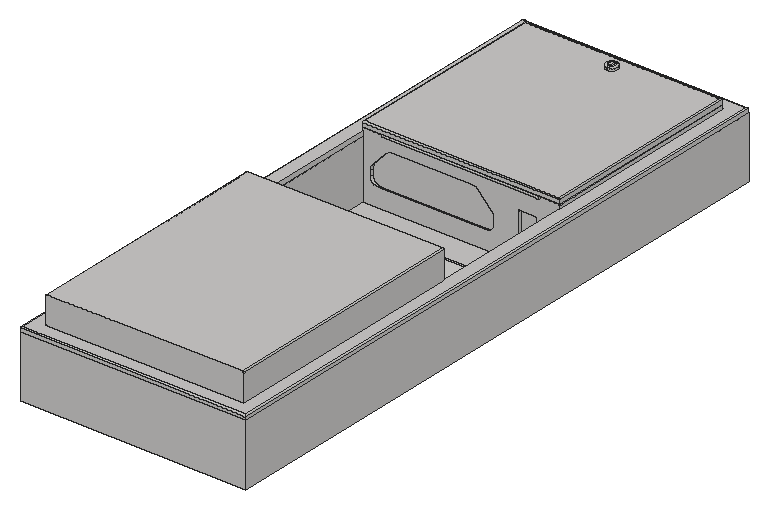
Revit family "PRD_AR_MltFnctnDspnsrs_RODANPaperTowelSoapDispenserWasteBinCombination_RODX617_RODX617E", category Specialty Equipment, host Face, Revit 2018
Family settings
  Host = Face
  Round Connector Dimension = Use Diameter
  Part Type = Normal
  OmniClass Number = 23.40.20.21.17
  OmniClass Title = Paper Towel Dispensers, Disposal Units
  Cut with Voids When Loaded = Yes
  Shared = No
  Room Calculation Point = No
Parameters (values of type "RODX617")
  WarrantyStartDate [instance] = "1900-12-31T23:59:59"
  WarrantyGuarantorParts = "n/a"
  WarrantyGuarantorLabor = "n/a"
  WarrantyDurationUnit = "year"
  WarrantyDurationParts = "n/a"
  WarrantyDurationLabor = "n/a"
  WarrantyDescription = "n/a"
  VoidOffset = 150.00 mm
  Version = "1"
  Uniclass2015Version = "Products v1.10"
  Uniclass2015Title = "Multi-function dispensers"
  Uniclass2015Code = "Pr_40_70_22_52"
  URL = "www.kwc.com"
  TypeOfMounting = "Wall mounting"
  TypeOfFixing = "Screw"
  TypeOfConsumable2 = "Liquid soap"
  TypeOfConsumable1 = "Paper towel"
  Type = RODX617 : RODX617
  TagNumber [instance] = "n/a"
  SustainabilityPerformance = "n/a"
  Style = "n/a"
  Size = "413 x 1148 x 173 mm"
  Shape = "n/a"
  SerialNumber [instance] = "n/a"
  Revision = "n/a"
  ReplacementCost = "n/a"
  ProductInformation = "https://pim.kwc.com/product/2000101219/attachment/datasheet?locale=en"
  NominalWidth = 413.00 mm
  NominalHeight = 1148.00 mm
  NominalDepth = 173.00 mm
  NetWeight = 16.75 kg
  Name = "Paper Towel Soap Dispenser Waste Bin Combination RODX617"
  NBSTypeID = "n/a"
  NBSReference = "45-35-72/384"
  NBSOfficeMasterTag = "n/a"
  NBSNote = "n/a"
  NBSDescription = "Multi-function dispensers"
  NBSCertification = "n/a"
  ModelReference = "RODX617"
  ModelOffset = 114.00 mm
  ModelNumber = "2000101219"
  Model = ModelReference  # "RODX617"
  MaterialThickness = "0.80 mm"
  MaterialCode = "1.4301"
  Material = "stainless steel"
  ManufacturerURL = "www.kwc.com"
  ManufacturerName = "KWC Group AG"  # constant formula
  Manufacturer = ManufacturerName  # "KWC Group AG"
  MainColor = "stainless steel"
  Lock3 = "Key-lock"
  Lock2 = "Key-lock"
  Lock1 = "Key-lock"
  IsBuiltIn = "TRUE"
  IntegralAccessories = "incl. stainless steel screws and dowels"
  InstallationDate [instance] = "1900-12-31T23:59:59"
  IfcExportType = "USERDEFINED"
  IfcExportAs = "IfcFurnitureType"
  GrossWeight = 20.10 kg
  Grade = "n/a"
  Finish = "satin finished"
  FillingQuantity3Uom = "Liter"
  FillingQuantity3 = "23"
  FillingQuantity2Uom = "Liter"
  FillingQuantity2 = "0.8"
  FillingQuantity1Uom = "Pieces"
  FillingQuantity1 = "400"
  Features = "stainless steel, surface satin finished"
  ExpectedLife = "n/a"
  DurationUnit = "year"
  DispenserMaterial = PRD_AR_StainlessSteel_SatinFinished
  Description = "Waste bin, paper towel-, soap dispenser combination for wall mounting, stainless steel, surface satin finished, material thickness 0.8 mm, cylinder lock with KWC standard key, paper towel dispenser with loading capacity 300 - 400 pcs. of paper depending on convolution, suitable for liquid soaps and lotions, 0.8 liter soap tank, push lever, waste bin with approx. 23 liter capacity, inclusive stainless steel screws and dowels."
  Default Elevation = 800.00 mm
  CreateOn = "11/2019"  # constant formula
  Constituents = "n/a"
  CombinationPart3 = "Waste bin"
  CombinationPart2 = "Soap dispenser"
  CombinationPart1 = "Paper towel dispenser"
  Color = "n/a"
  CodePerformance = "n/a"
  Category = "Pr_40_70_22_52, Multi-function dispensers"
  BarCode [instance] = "n/a"
  BIMObjectName = "PRD_AR_MultiFunctionDispensers_RODANPaperTowelSoapDispenserWasteBinCombination_RODX617"
  Author = "Archispace"  # constant formula
  AssetType = "Fixed"
  AssetIdentifier [instance] = "n/a"
  AccessibilityPerformance = "n/a"
Types (2, lengths in mm): name | VoidOffset | TypeOfMounting | Type | Size | ProductInformation | NominalWidth | NominalHeight | NominalDepth | NetWeight | Name | ModelReference | ModelOffset | ModelNumber | Model | GrossWeight | Description | BIMObjectName
  RODX617 | 150.00 | "Wall mounting" | RODX617 : RODX617 | "413 x 1148 x 173 mm" | "https://pim.kwc.com/product/2000101219/attachment/datasheet?locale=en" | 413.00 | 1148.00 | 173.00 | 16.75 kg | "Paper Towel Soap Dispenser Waste Bin Combination RODX617" | "RODX617" | 114.00 | "2000101219" | "RODX617" | 20.10 kg | "Waste bin, paper towel-, soap dispenser combination for wall mounting, stainless steel, surface satin finished, material thickness 0.8 mm, cylinder lock with KWC standard key, paper towel dispenser with loading capacity 300 - 400 pcs. of paper depending on convolution, suitable for liquid soaps and lotions, 0.8 liter soap tank, push lever, waste bin with approx. 23 liter capacity, inclusive stainless steel screws and dowels." | "PRD_AR_MultiFunctionDispensers_RODANPaperTowelSoapDispenserWasteBinCombination_RODX617"
  RODX617E | 36.00 | "Recessed mounting" | RODX617E : RODX617E | "408 x 1145 x 169 mm" | "https://pim.kwc.com/product/2000101220/attachment/datasheet?locale=en" | 408.00 | 1145.00 | 169.00 | 12.31 kg | "Paper Towel Soap Dispenser Waste Bin Combination RODX617E" | "RODX617E" | 0.00 | "2000101220" | "RODX617E" | 14.31 kg | "Paper towel-, soap dispenser and waste bin combination for recessed mounting, stainless steel, surface satin finished, material thickness 0.8 mm, cylinder lock with KWC standard key, paper towel dispenser with loading capacity 300 - 400 pcs. of paper depending on convolution, suitable for liquid soaps and lotions, 0.8 liter soap tank, push lever, waste bin with approx. 23 liter capacity, includes stainless steel screws and dowels." | "PRD_AR_MultiFunctionDispensers_RODANPaperTowelSoapDispenserWasteBinCombination_RODX617E"
Reference planes
  plane 1 "Center (Front/Back)": y = 0
  plane 2: z = 0
  plane 3 "Center (Left/Right)": x = 0
  plane 4: z = 0
  plane 5: z = 0
  plane 6: z = -6
  plane 7: z = 108
  plane 8: z = -150
Forms (mm)
  Extrusion 1, void
    sketch origin (0, 0, 0) x (1, 0, 0) y (0, 1, 0)
      loop
        line (-182.5, 550) -> (-182.5, -550) -> (182.5, -550) -> (182.5, 550) -> (-182.5, 550)
    from 0 to 107.534
Dimensions and locks
  locked: level to plane 6 at 6
  "ModelOffset": plane 7 to plane 6
  locked: level to plane 8 at 150
  "VoidOffset": Extrusion 1 to plane 8
  aligned and locked: plane 2 to host face
  aligned and locked: level to host face
Automatic sketch dimensions
  host sketch curve to host sketch curve = 1514.367 mm
  host sketch curve to host sketch curve = 1849.889 mm
  Extrusion 1 sketch curve to plane 3 "Center (Left/Right)" = 182.50 mm
  plane 3 "Center (Left/Right)" to Extrusion 1 sketch curve = 182.50 mm
  plane 1 "Center (Front/Back)" to Extrusion 1 sketch curve = 550.00 mm
  Extrusion 1 sketch curve to plane 1 "Center (Front/Back)" = 550.00 mm
Nested families
  nested 1: "RODX617" at (0, 0, 108), type <- "Type", type "RODX617"
  nested 2: "RODX617" at (0, 0, 108), type <- "Type", type "RODX617"
Definition of nested family "RODX617"
  Parameters (values of type "2000101219")
    Default Elevation = 1219.20 mm
    DispenserMaterial = none
  Reference planes
    plane 1 "Środek (Przód/Tył)": y = 0
    plane 2: z = 0
    plane 3 "Środek (Lewa/Prawa)": x = 0
  Forms (mm)
    Extrusion 1, solid, material <- "DispenserMaterial", detail levels fine
      sketch origin (0, 0, 0) x (1, 0, 0) y (0, 1, 0)
        loop
          line (-206.5, 574) -> (-206.5, -574) -> (206.5, -574) -> (206.5, 574) -> (-206.5, 574)
      from 6 to 14
    Sweep 2, void
      path in 3D
        loop
          line (-206.5, -574, 14) -> (206.5, -574, 14) -> (206.5, 574, 14) -> (-206.5, 574, 14) -> (-206.5, -574, 14)
      profile origin (-206.5, 0, 14) x (1, 0, 0) y (0, 0, 1)
        loop
          line (0, 0) -> (0, -2.5)
          arc (0, -2.5) -> (0.732, -0.732) -> (2.5, 0) r 2.5
          line (2.5, 0) -> (0, 0)
    Extrusion 3, void
      sketch origin (0, 0, 0) x (1, 0, 0) y (0, 1, 0)
        loop
          line (-180.5, 547.5) -> (-180.5, -547.5) -> (180.5, -547.5) -> (180.5, 547.5) -> (-180.5, 547.5)
      from -101.583 to 17.98
    Extrusion 4, solid, material <- "DispenserMaterial", detail levels fine
      sketch origin (0, 0, 0) x (1, 0, 0) y (0, 0, 1)
        loop
          arc (-178.5, 65) -> (-179.914, 64.414) -> (-180.5, 63) r 2
          line (-180.5, 63) -> (-180.5, -101.583) -> (180.5, -101.583) -> (180.5, 63)
          arc (180.5, 63) -> (179.914, 64.414) -> (178.5, 65) r 2
          line (178.5, 65) -> (-178.5, 65)
      from 89.5 to 547.5
    Extrusion 5, solid, material <- "DispenserMaterial", detail levels fine
      sketch origin (0, 0, 0) x (0, -1, 0) y (0, 0, -1)
        loop
          arc (-101.053, 101.583) -> (-103.867, 99.621) -> (-103, 96.301) r 3
          line (-103, 96.301) -> (-36.552, 39.589)
          arc (-36.552, 39.589) -> (-34.324, 38.884) -> (-32.266, 39.992) r 3
          line (-32.266, 39.992) -> (9.898, 92.462)
          arc (9.898, 92.462) -> (10.939, 93.288) -> (12.236, 93.583) r 3
          line (12.236, 93.583) -> (85.5, 93.583) -> (85.5, 101.583) -> (-101.053, 101.583)
      from -180.5 to 180.5
    Revolve 6, solid, material <- "DispenserMaterial", detail levels fine
      sketch origin (-0.02, -570.77, -107.583) x (0, 1, 0) y (0, 0, 1)
        loop
          line (508.475, 14) -> (508.475, 16.65)
          arc (508.475, 16.65) -> (507.889, 18.064) -> (506.475, 18.65) r 2
          line (506.475, 18.65) -> (504.716, 18.65)
          arc (504.716, 18.65) -> (504.35, 19.016) -> (503.85, 19.15) r 1
          line (503.85, 19.15) -> (498.5, 19.15) -> (498.5, 14) -> (508.475, 14)
        axis (498.5, 19.15) -> (498.5, 14)
      angle from 0 to 360
    Revolve 7, solid, material <- "DispenserMaterial", detail levels medium
      sketch origin (-0.02, -570.77, -107.583) x (0, 1, 0) y (0, 0, 1)
        loop
          line (508.475, 14) -> (508.475, 19.15) -> (498.5, 19.15) -> (498.5, 14) -> (508.475, 14)
        axis (498.5, 19.15) -> (498.5, 14)
      angle from 0 to 360
    Extrusion 8, solid, material <- "DispenserMaterial", detail levels fine
      sketch origin (0, 0, -1.102) x (0, 1, 0) y (0, 0, 1)
        loop
          line (574, 7.102) -> (-574, 7.102) -> (-574, -106.898) -> (574, -106.898) -> (574, 7.102)
      from -206.5 to 206.5
    Extrusion 9, void
      sketch origin (0, 0, 0) x (1, 0, 0) y (0, 0, 1)
        loop
          line (-147.15, -76.295) -> (50.863, -76.295)
          arc (50.863, -76.295) -> (60.758, -72.196) -> (64.856, -62.301) r 13.994
          line (64.856, -62.301) -> (64.856, -45.388)
          arc (64.856, -45.388) -> (63.919, -41.162) -> (61.284, -37.728) r 10
          line (61.284, -37.728) -> (33.854, -14.711)
          arc (33.854, -14.711) -> (26.891, -10.691) -> (18.972, -9.295) r 23.152
          line (18.972, -9.295) -> (-48.144, -9.295) -> (-115.26, -9.295)
          arc (-115.26, -9.295) -> (-123.178, -10.691) -> (-130.141, -14.711) r 23.152
          line (-130.141, -14.711) -> (-157.572, -37.728)
          arc (-157.572, -37.728) -> (-160.207, -41.162) -> (-161.144, -45.388) r 10
          line (-161.144, -45.388) -> (-161.144, -62.301)
          arc (-161.144, -62.301) -> (-157.045, -72.196) -> (-147.15, -76.295) r 13.994
      from -199.995 to -175.5
    Revolve 10, solid, material <- "DispenserMaterial", detail levels medium
      sketch origin (-0.02, 21.672, 18) x (0, 1, 0) y (0, 0, 1)
        loop
          line (508.475, 13) -> (508.475, 19.15) -> (498.5, 19.15) -> (498.5, 13) -> (508.475, 13)
        axis (498.5, 19.15) -> (498.5, 13)
      angle from 0 to 360
    Revolve 11, solid, material <- "DispenserMaterial", detail levels fine
      sketch origin (-0.02, 21.672, 18) x (0, 1, 0) y (0, 0, 1)
        loop
          line (508.475, 12.999) -> (508.475, 16.65)
          arc (508.475, 16.65) -> (507.889, 18.064) -> (506.475, 18.65) r 2
          line (506.475, 18.65) -> (504.716, 18.65)
          arc (504.716, 18.65) -> (504.35, 19.016) -> (503.85, 19.15) r 1
          line (503.85, 19.15) -> (498.5, 19.15) -> (498.5, 12.999) -> (508.475, 12.999)
        axis (498.5, 19.15) -> (498.5, 12.999)
      angle from 0 to 360
    Extrusion 12, solid, material <- "DispenserMaterial", detail levels fine
      sketch origin (0, -4, 0) x (1, 0, 0) y (0, 1, 0)
        loop
          line (-179.729, 179.5) -> (179.729, 179.5) -> (179.729, 551.5) -> (-179.729, 551.5) -> (-179.729, 179.5)
      from 21.3 to 31
    Sweep 13, void
      path in 3D
        loop
          line (-179.729, 175.5, 31) -> (179.729, 175.5, 31) -> (179.729, 547.5, 31) -> (-179.729, 547.5, 31) -> (-179.729, 175.5, 31)
      profile origin (-179.729, 361.5, 31) x (1, 0, 0) y (0, 0, 1)
        loop
          line (0, 0) -> (0, -2)
          arc (0, -2) -> (0.586, -0.586) -> (2, 0) r 2
          line (2, 0) -> (0, 0)
    Extrusion 14, solid, material <- "DispenserMaterial", detail levels fine
      sketch origin (0, -4, -15) x (1, 0, 0) y (0, 1, 0)
        loop
          line (-179.729, 179.5) -> (179.729, 179.5) -> (179.729, 551.5) -> (-179.729, 551.5) -> (-179.729, 179.5)
      from -86.583 to 36.3
    Extrusion 15, solid, material <- "DispenserMaterial", detail levels fine
      sketch origin (0, 0, 0) x (0, 1, 0) y (0, 0, 1)
        loop
          line (175.5, 17.701) -> (175.5, 21.4)
          arc (175.5, 21.4) -> (173.65, 19.55) -> (175.5, 17.701) r 1.85
      from -143.75 to 143.75
    Sweep 16, void
      path in 3D
        loop
          line (179.729, 175.5, 21.3) -> (179.729, 547.5, 21.3) -> (-179.729, 547.5, 21.3) -> (-179.729, 175.5, 21.3)
      profile origin (-179.729, 361.5, 21.3) x (1, 0, 0) y (0, 0, 1)
        loop
          line (0, 0) -> (0, -2)
          arc (0, -2) -> (0.586, -0.586) -> (2, 0) r 2
          line (2, 0) -> (0, 0)
    Extrusion 17, void
      sketch origin (-15, 0, -20) x (1, 0, 0) y (0, 0, 1)
        loop
          arc (-146.412, -13.37) -> (-149.398, -18.103) -> (-150.441, -23.6) r 15
          line (-150.441, -23.6) -> (-150.441, -33.25)
          arc (-150.441, -33.25) -> (-146.048, -43.857) -> (-135.441, -48.25) r 15
          line (-135.441, -48.25) -> (60.559, -48.25)
          arc (60.559, -48.25) -> (71.165, -43.857) -> (75.559, -33.25) r 15
          line (75.559, -33.25) -> (75.559, -23.6)
          arc (75.559, -23.6) -> (74.515, -18.103) -> (71.529, -13.37) r 15
          line (71.529, -13.37) -> (46.118, 13.88)
          arc (46.118, 13.88) -> (41.129, 17.406) -> (35.147, 18.65) r 15
          line (35.147, 18.65) -> (-110.03, 18.65)
          arc (-110.03, 18.65) -> (-116.012, 17.406) -> (-121.001, 13.88) r 15
          line (-121.001, 13.88) -> (-146.412, -13.37)
        loop
          arc (119.709, -50.25) -> (120.587, -52.372) -> (122.709, -53.25) r 3
          line (122.709, -53.25) -> (150.709, -53.25)
          arc (150.709, -53.25) -> (152.83, -52.372) -> (153.709, -50.25) r 3
          line (153.709, -50.25) -> (153.709, 3.75)
          arc (153.709, 3.75) -> (152.83, 5.871) -> (150.709, 6.75) r 3
          line (150.709, 6.75) -> (122.709, 6.75)
          arc (122.709, 6.75) -> (120.587, 5.871) -> (119.709, 3.75) r 3
          line (119.709, 3.75) -> (119.709, -50.25)
      from -180.5 to -175.5
    Extrusion 18, solid, material <- "DispenserMaterial", detail levels fine
      sketch origin (0.159, 328, -89.558) x (0, 1, 0) y (0, 0, 1)
        loop
          line (-147.5, 20.334) -> (-147.5, 26.428) -> (-153.685, 28.42)
          arc (-153.685, 28.42) -> (-156.548, 28.9) -> (-159.429, 28.537) r 10
          line (-159.429, 28.537) -> (-170.866, 25.359)
          arc (-170.866, 25.359) -> (-172.884, 21.788) -> (-169.313, 19.771) r 2.9
          line (-169.313, 19.771) -> (-158.107, 22.885)
          arc (-158.107, 22.885) -> (-156.667, 23.066) -> (-155.235, 22.826) r 5
          line (-155.235, 22.826) -> (-147.5, 20.334)
      from 109.05 to 134.05
    Sweep 19, void
      path in 3D
        loop
          line (109.209, 185.052, -70.69) -> (109.209, 172.765, -66.732)
          arc (109.209, 172.765, -66.732) -> (109.209, 171.333, -66.492) -> (109.209, 169.893, -66.673) r 5
          line (109.209, 169.893, -66.673) -> (109.209, 158.687, -69.787)
          arc (109.209, 158.687, -69.787) -> (109.209, 155.116, -67.77) -> (109.209, 157.134, -64.199) r 2.9
          line (109.209, 157.134, -64.199) -> (109.209, 168.571, -61.021)
          arc (109.209, 168.571, -61.021) -> (109.209, 171.452, -60.658) -> (109.209, 174.315, -61.137) r 10
          line (109.209, 174.315, -61.137) -> (109.209, 183.689, -64.157)
      profile origin (109.209, 179.002, -62.647) x (0, -0.306665, -0.951817) y (-1, 0, 0)
        loop
          line (0, 0) -> (0, -1.5)
          arc (0, -1.5) -> (0.588, -0.588) -> (1.5, 0) r 2.571
          line (1.5, 0) -> (0, 0)
        loop
          line (0, -25) -> (1.5, -25)
          arc (1.5, -25) -> (0.588, -24.412) -> (0, -23.5) r 2.571
          line (0, -23.5) -> (0, -25)
    Extrusion 20, void
      sketch origin (0, 0, 0) x (0, 1, 0) y (0, 0, 1)
        loop
          line (-89.5, 62.7) -> (-545.5, 62.7) -> (-545.5, -97.844) -> (-89.5, -97.844) -> (-89.5, 62.7)
      from -178.5 to 178.5
    Extrusion 21, solid, material <- "DispenserMaterial", detail levels fine
      sketch origin (0, 0, 0) x (1, 0, 0) y (0, 1, 0)
        loop
          line (-178.5, -89.5) -> (-178.5, -108.5)
          arc (-178.5, -108.5) -> (-177.086, -107.914) -> (-176.5, -106.5) r 2
          line (-176.5, -106.5) -> (-176.5, -91.5)
          arc (-176.5, -91.5) -> (-177.086, -90.086) -> (-178.5, -89.5) r 2
        loop
          arc (178.5, -89.5) -> (177.086, -90.086) -> (176.5, -91.5) r 2
          line (176.5, -91.5) -> (176.5, -106.5)
          arc (176.5, -106.5) -> (177.086, -107.914) -> (178.5, -108.5) r 2
          line (178.5, -108.5) -> (178.5, -89.5)
      from -97.844 to 62.7
    Extrusion 22, solid, material <- "DispenserMaterial", detail levels fine
      sketch origin (0, 0, 0) x (0, 1, 0) y (0, 0, 1)
        loop
          line (-91.8, 62.7) -> (-91.8, 60.4)
          arc (-91.8, 60.4) -> (-90.174, 61.074) -> (-89.5, 62.7) r 2.3
          line (-89.5, 62.7) -> (-91.8, 62.7)
      from -176.5 to 176.5
    Extrusion 23, solid, material <- "DispenserMaterial", detail levels medium
      sketch origin (0, 0, 0) x (1, 0, 0) y (0, 1, 0)
        loop
          line (-206.5, 574) -> (-206.5, -574) -> (206.5, -574) -> (206.5, 574) -> (-206.5, 574)
      from 6 to 14
    Extrusion 24, solid, material <- "DispenserMaterial", detail levels medium
      sketch origin (0, 0, 0) x (1, 0, 0) y (0, 0, 1)
        loop
          arc (-178.5, 65) -> (-179.914, 64.414) -> (-180.5, 63) r 2
          line (-180.5, 63) -> (-180.5, -101.583) -> (180.5, -101.583) -> (180.5, 63)
          arc (180.5, 63) -> (179.914, 64.414) -> (178.5, 65) r 2
          line (178.5, 65) -> (-178.5, 65)
      from 89.5 to 547.5
    Extrusion 25, solid, material <- "DispenserMaterial", detail levels medium
      sketch origin (0, 0, -1.102) x (0, 1, 0) y (0, 0, 1)
        loop
          line (574, 7.102) -> (-574, 7.102) -> (-574, -106.898) -> (574, -106.898) -> (574, 7.102)
      from -206.5 to 206.5
    Extrusion 26, solid, material <- "DispenserMaterial", detail levels medium
      sketch origin (0, -4, 0) x (1, 0, 0) y (0, 1, 0)
        loop
          line (-179.729, 179.5) -> (179.729, 179.5) -> (179.729, 551.5) -> (-179.729, 551.5) -> (-179.729, 179.5)
      from 21.3 to 31
    Extrusion 27, solid, material <- "DispenserMaterial", detail levels coarse
      sketch origin (0, 0, 0) x (1, 0, 0) y (0, 1, 0)
        loop
          line (-206.5, 574) -> (-206.5, -574) -> (206.5, -574) -> (206.5, 574) -> (-206.5, 574)
      from 6 to 14
    Extrusion 28, solid, material <- "DispenserMaterial", detail levels coarse
      sketch origin (0, 0, 0) x (1, 0, 0) y (0, 0, 1)
        loop
          line (-180.5, 65) -> (-180.5, 14) -> (180.5, 14) -> (180.5, 65) -> (-180.5, 65)
      from 89.5 to 547.5
    Extrusion 29, solid, material <- "DispenserMaterial", detail levels coarse
      sketch origin (0, 0, -1.102) x (0, 1, 0) y (0, 0, 1)
        loop
          line (574, 7.102) -> (-574, 7.102) -> (-574, -106.898) -> (574, -106.898) -> (574, 7.102)
      from -206.5 to 206.5
    Extrusion 30, solid, material <- "DispenserMaterial", detail levels coarse
      sketch origin (0, -4, 0) x (1, 0, 0) y (0, 1, 0)
        loop
          line (-179.729, 179.5) -> (179.729, 179.5) -> (179.729, 551.5) -> (-179.729, 551.5) -> (-179.729, 179.5)
      from 14 to 31
    Extrusion 31, solid, material <- "DispenserMaterial", detail levels medium
      sketch origin (0, -4, -15) x (1, 0, 0) y (0, 1, 0)
        loop
          line (-179.729, 179.5) -> (179.729, 179.5) -> (179.729, 551.5) -> (-179.729, 551.5) -> (-179.729, 179.5)
      from -86.583 to 36.3
    Extrusion 32, solid, material <- "DispenserMaterial", detail levels medium
      sketch origin (1100, 0, 0) x (0, -1, 0) y (0, 0, -1)
        loop
          line (-109.189, 101.583) -> (-34.202, 37.583) -> (10.798, 93.583) -> (85.5, 93.583) -> (85.5, 101.583) -> (-109.189, 101.583)
      from -1279.729 to -919.5
    Extrusion 33, solid, material <- "DispenserMaterial", detail levels medium
      sketch origin (1100.159, 328, -89.558) x (0, 1, 0) y (0, 0, 1)
        loop
          line (-152.5, 21.945) -> (-152.5, 28.039) -> (-173.381, 28.039) -> (-173.381, 21.945) -> (-152.5, 21.945)
      from -990.95 to -965.95
    Extrusion 34, void
      sketch origin (-1100, 0, 0) x (1, 0, 0) y (0, 1, 0)
        loop
          line (920.271, 547.5) -> (920.271, -547.5) -> (1280.5, -547.5) -> (1280.5, 547.5) -> (920.271, 547.5)
      from -101.583 to 14
  Cuts and joins
    joined: Extrusion 5, Revolve 6
    Extrusion 20 cuts Extrusion 4
    Extrusion 3, Extrusion 9 cuts Extrusion 8
    Sweep 13 cuts Extrusion 12
    joined: Extrusion 4, Extrusion 8, Revolve 11, Extrusion 12, Extrusion 21, Extrusion 22
    Sweep 2, Extrusion 3 cuts Extrusion 1
    Sweep 16, Extrusion 17 cuts Extrusion 14
    Sweep 19 cuts Extrusion 18
    Extrusion 34 cuts Extrusion 23
    Extrusion 34 cuts Extrusion 25
  Lines and regions (mm)
    sketch lines
      curve 1: line (-206.5, 574, 14) -> (-206.5, -574, 14)
      curve 2: line (206.5, 574, 14) -> (-206.5, 574, 14)
      curve 3: line (206.5, -574, 14) -> (206.5, 574, 14)
      curve 4: line (-206.5, -574, 14) -> (206.5, -574, 14)
      curve 5: line (-179.729, 547.5, 31) -> (-179.729, 175.5, 31)
      curve 6: line (-179.729, 175.5, 31) -> (179.729, 175.5, 31)
      curve 7: line (179.729, 175.5, 31) -> (179.729, 547.5, 31)
      curve 8: line (179.729, 547.5, 31) -> (-179.729, 547.5, 31)
      curve 9: line (-179.729, 547.5, 21.3) -> (-179.729, 175.5, 21.3)
      curve 10: line (179.729, 547.5, 21.3) -> (-179.729, 547.5, 21.3)
      curve 11: line (179.729, 175.5, 21.3) -> (179.729, 547.5, 21.3)
      curve 12: line (109.209, 174.315, -61.137) -> (109.209, 183.689, -64.157)
      curve 13: arc (109.209, 174.315, -61.137) -> (109.209, 171.452, -60.658) -> (109.209, 168.571, -61.021) r 10
      curve 14: line (109.209, 157.134, -64.199) -> (109.209, 168.571, -61.021)
      curve 15: arc (109.209, 157.134, -64.199) -> (109.209, 155.116, -67.77) -> (109.209, 158.687, -69.787) r 2.9
      curve 16: line (109.209, 169.893, -66.673) -> (109.209, 158.687, -69.787)
      curve 17: arc (109.209, 169.893, -66.673) -> (109.209, 171.333, -66.492) -> (109.209, 172.765, -66.732) r 5
      curve 18: line (109.209, 185.052, -70.69) -> (109.209, 172.765, -66.732)
  Dimensions and locks
    aligned and locked: level to plane 2
